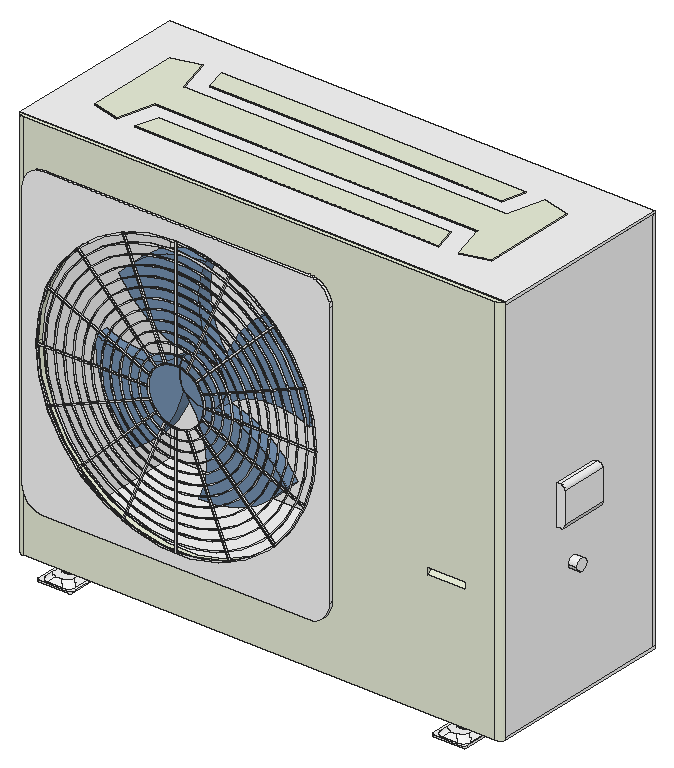
Revit family "Hydrablock C 12 14 16 T", category Attrezzatura meccanica, Revit 2022
Family settings
  Quota connettore circolare = Usa diametro
  Tipo di parte = Normale
  Numero OmniClass = 23.75.00.00
  Titolo OmniClass = Climate Control (HVAC)
  Basato su piano di lavoro = No
  Sempre verticale = Sì
  Taglio con vuoti quando caricato = No
  Mantieni orientamento annotazione = No
  Condiviso = No
  Punto di calcolo locali = No
Parameters (values of type "Hydrablock C 16 T")
  clearance access right = 500.000 mm
  clearance access left = 500.000 mm
  clearance access front = 1500.000 mm
  clearance access behind = 300.000 mm
  clearance [instance] = no
  Width = 1040.000 mm
  Water piping connections = 31.750 mm
  URL = "https://mbt.midea.com"
  Series = "M thermal Power\r\nM thermal Power\r\nM thermal Power"
  Prospetto di default = 0.000 mm
  Power supply = "380-415V 3N~50Hz"
  Net Weight = 120.00 kg
  Modello = "MHC-V16WD2RN8-C"
  Minimum Circuit Amps = 11.5 A
  Min cable selection (power wiring) = "2.5 mm2"
  Produttore = "Midea"
  MOP (Maximum overcurrent protection) = 2.5 A
  Installation = "Outdoor installation"
  Height = 865.000 mm
  Heating capacity (EWT 40⁰C, LWT 45⁰C) = 16.20 kW
  Heating capacity (EWT 30⁰C, LWT 35⁰C) = 16.00 kW
  Heating Power Input (EWT 40⁰C, LWT 45⁰C) = 4.70 kW
  Heating Power Input (EWT 30⁰C, LWT 35⁰C) = 3.56 kW
  Gas = "R32"
  Descrizione = "Heat pump"
  Depth = 410.000 mm
  Cooling capacity (EWT 23⁰C, LWT 18⁰C) = 15.40 kW
  Cooling capacity (EWT 12⁰C, LWT 7⁰C) = 14.00 kW
  Cooling Power Input(EWT 12⁰C, LWT 7⁰C) = 4.83 kW
  Cooling Power Input (EWT 23⁰C, LWT 18⁰C) = 3.67 kW
  Condensation = "air"
  Compressor = "1"
  Casing color = "SB2403"
  Air Flow = 5200.00 m³/h
Types (4, lengths in mm): name | Modello | Minimum Circuit Amps | Heating capacity (EWT 40⁰C, LWT 45⁰C) | Heating capacity (EWT 30⁰C, LWT 35⁰C) | Heating Power Input (EWT 40⁰C, LWT 45⁰C) | Heating Power Input (EWT 30⁰C, LWT 35⁰C) | Cooling capacity (EWT 23⁰C, LWT 18⁰C) | Cooling capacity (EWT 12⁰C, LWT 7⁰C) | Cooling Power Input(EWT 12⁰C, LWT 7⁰C) | Cooling Power Input (EWT 23⁰C, LWT 18⁰C)
  (no name) | "MHC-V16WD2RN8-C" | 11.5 A | 16.20 kW | 16.00 kW | 4.70 kW | 3.56 kW | 15.40 kW | 14.00 kW | 4.83 kW | 3.67 kW
  Hydrablock C 12 T | "MHC-V12WD2RN8-C" | 9.5 A | 12.50 kW | 12.20 kW | 3.38 kW | 2.49 kW | 12.20 kW | 11.60 kW | 3.74 kW | 2.65 kW
  Hydrablock C 14 T | "MHC-V14WD2RN8-C" | 10.5 A | 14.50 kW | 14.10 kW | 4.09 kW | 3.00 kW | 13.90 kW | 13.40 kW | 4.57 kW | 3.16 kW
  Hydrablock C 16 T | "MHC-V16WD2RN8-C" | 11.5 A | 16.20 kW | 16.00 kW | 4.70 kW | 3.56 kW | 15.40 kW | 14.00 kW | 4.83 kW | 3.67 kW
Reference planes
  plane 1 "Center (Front/Back)": y = 0
  plane 2: z = 0
  plane 3 "Center (Left/Right)": x = 0
  plane 4: y = 214.5
  plane 5: y = -195.5
  plane 6: x = -520
  plane 7: x = 520
  plane 8: z = 865
  plane 9: z = 289.5
  plane 10: z = 408
Forms (mm)
  Extrusion 1, solid, material "Galvanized Steel", detail levels medium+fine
    sketch origin (-463, -26, 789) x (1, 0, 0) y (0, 1, 0)
      loop
        arc (-56.784, -159.5) -> (-50.511, -166.783) -> (-41.292, -169.5) r 17
        line (-41.292, -169.5) -> (967.292, -169.5)
        arc (967.292, -169.5) -> (976.511, -166.783) -> (982.784, -159.5) r 17
        line (982.784, -159.5) -> (-56.784, -159.5)
    from -765 to 76
  Extrusion 2, void
    sketch origin (-50, 0, 40) x (1, 0, 0) y (0, 0, 1)
      loop
        circle (-122.999, 406.499) r 300
    from 185.5 to 195.5
  Extrusion 3, solid, material "Galvanized Steel", detail levels fine
    sketch origin (0, 0, 0) x (1, 0, 0) y (0, 1, 0)
      loop
        line (-436.632, 111.286) -> (-436.632, -88.714) -> (-378.677, -104.243) -> (-357.971, -26.969) -> (-23.528, -26.969) -> (334.444, -26.969) -> (355.149, -104.243) -> (413.105, -88.714) -> (413.105, 111.286) -> (355.149, 126.816) -> (334.444, 49.542) -> (-23.528, 49.542) -> (-357.971, 49.542) -> (-378.677, 126.816) -> (-436.632, 111.286)
      loop
        line (-337.266, 126.816) -> (-324.511, 79.213) -> (-23.528, 79.213) -> (300.983, 79.213) -> (313.738, 126.816) -> (-23.528, 126.816) -> (-337.266, 126.816)
      loop
        line (-337.266, -106.816) -> (-23.528, -106.816) -> (313.738, -106.816) -> (300.983, -59.213) -> (-23.528, -59.213) -> (-324.511, -59.213) -> (-337.266, -106.816)
    from 865 to 867
  Extrusion 4, solid, material "HXL White", detail levels fine
    sketch origin (120, 0, 92.706) x (1, 0, 0) y (0, 0, 1)
      loop
        line (400, 367.163) -> (400, 282.163) -> (410, 282.163)
        arc (410, 282.163) -> (417.071, 285.092) -> (420, 292.163) r 10
        line (420, 292.163) -> (420, 357.163)
        arc (420, 357.163) -> (417.071, 364.234) -> (410, 367.163) r 10
        line (410, 367.163) -> (400, 367.163)
    from -49.542 to 50
  Extrusion 5, void
    sketch origin (0, 0, 0) x (0, 1, 0) y (0, 0, 1)
      loop
        line (-214.5, 305.5) -> (-214.5, 270.5) -> (-179.5, 305.5) -> (-214.5, 305.5)
    from 361 to 443.051
  Extrusion 6, solid, material "HXL White", detail levels fine
    sketch origin (0, 0, -105) x (1, 0, 0) y (0, 0, 1)
      loop
        circle (184.136, 289.5) r 12.5
    from -241.5 to -192.422
  Extrusion 7, solid, material "HXL White", detail levels fine
    sketch origin (500, 500, 0) x (0, -1, 0) y (0, 0, -1)
      loop
        circle (505.866, -289.5) r 12.5
    from 20 to 40
  Extrusion 8, solid, material "HXL White", detail levels fine
    sketch origin (85, 0, -105) x (1, 0, 0) y (0, 0, 1)
      loop
        circle (184.136, 289.5) r 12.5
    from -241.5 to -192.422
  Extrusion 9, solid, material "HXL White", detail levels fine
    sketch origin (399.723, -195.5, 789) x (-1, 0, 0) y (0, 0, -1)
      loop
        arc (856.972, 10.248) -> (890.03, 23.942) -> (903.723, 57) r 46.752
        line (903.723, 57) -> (903.723, 623.497)
        arc (903.723, 623.497) -> (890.03, 656.555) -> (856.972, 670.248) r 46.752
        line (856.972, 670.248) -> (290.475, 670.248)
        arc (290.475, 670.248) -> (257.417, 656.555) -> (243.723, 623.497) r 46.752
        line (243.723, 623.497) -> (243.723, 57)
        arc (243.723, 57) -> (257.417, 23.942) -> (290.475, 10.248) r 46.752
        line (290.475, 10.248) -> (856.972, 10.248)
    from 0 to 5
  Extrusion 10, void
    sketch origin (399.723, -200.5, 789) x (1, 0, 0) y (0, 0, -1)
      loop
        arc (-272.722, 342.5) -> (-572.722, 642.5) -> (-872.722, 342.501) r 300
        arc (-872.722, 342.501) -> (-572.723, 42.501) -> (-272.722, 342.5) r 300
    from 0 to 5
Cuts and joins
  Extrusion 2, Extrusion 5, Extrusion 10 cuts Extrusion 1
  Extrusion 10 cuts Extrusion 9
Lines and regions (mm)
  model lines
    curve 1: line (-520, 214.5, 865) -> (-520, -185.5, 865)
    curve 2: line (520, 214.5, 865) -> (-520, 214.5, 865)
    curve 3: line (520, -185.5, 865) -> (520, 214.5, 865)
    curve 4: line (-520, -185.5, 865) -> (520, -185.5, 865)
    curve 5: line (-520, 214.5, 24) -> (-520, -185.5, 24)
    curve 6: line (520, 214.5, 24) -> (-520, 214.5, 24)
    curve 7: line (520, -185.5, 24) -> (520, 214.5, 24)
    curve 8: line (-520, -185.5, 24) -> (520, -185.5, 24)
    curve 9: line (504, -185.5, 712) -> (504, -185.5, 24)
    curve 10: line (-504, -185.5, 24) -> (-504, -185.5, 712)
    curve 11: line (520, 214.5, 865) -> (520, 214.5, 24)
    curve 12: line (-520, 214.5, 24) -> (-520, 214.5, 865)
Dimensions and locks
  aligned and locked: level to plane 2
Nested families
  nested 1: "pingban-HXL" at (-520, 214.5, 29), type "pingban-HXL", detail levels medium+fine
    with Width 1040.000 mm, Height 831.000 mm, Depth 5.000 mm
  nested 2: "pingban-HXL" at (-520, -185.5, 29) x (0, 1, 0) z (0, 0, 1), type "pingban-HXL", detail levels medium+fine
    with Width 395.000 mm, Height 831.000 mm, Depth 5.000 mm
  nested 3: "pingban-HXL" at (520, 209.5, 29) x (0, -1, 0) z (0, 0, 1), type "pingban-HXL", detail levels medium+fine
    with Width 395.000 mm, Height 831.000 mm, Depth 5.000 mm
  nested 4: "xiaodijia2" at (423, 10, 0), type "xiaodijia2", detail levels medium+fine
  nested 5: "pingban-HXL" at (-520, 214.5, 24), type "pingban-HXL", detail levels medium+fine
    with Width 1040.000 mm, Height 5.000 mm, Depth 400.000 mm
  nested 6: "pingban-HXL" at (-520, 214.5, 860), type "pingban-HXL", detail levels medium+fine
    with Width 1040.000 mm, Height 5.000 mm, Depth 400.000 mm
  nested 7: "service space" at (-520, 214.5, 0), visible <- "clearance", Height <- "Height", type "Midea Service  Space"
    with Width 1040.000 mm, Height 865.000 mm, Depth 300.000 mm
  nested 8: "service space" at (-520, -1695.5, 0), visible <- "clearance", Height <- "Height", type "Midea Service  Space"
    with Width 1040.000 mm, Height 865.000 mm, Depth 1500.000 mm
  nested 9: "fengkou300+" at (-172.999, -202.5, 446.5) x (1, 0, 0) z (0, 1, 0), type "fengkou300+", detail levels medium+fine
  nested 10: "fengshan230" at (-172.999, -130, 446.5) x (-1, 0, 0) z (0, 1, 0), type "fengshan230", detail levels fine
  nested 11: "xiaodijia2" at (-423, 10, 0) x (-1, 0, 0) z (0, 0, 1), type "xiaodijia2", detail levels medium+fine
  nested 12: "service space" at (-1020, -195.5, 0), visible <- "clearance", Height <- "Height", type "Midea Service  Space"
    with Width 500.000 mm, Height 865.000 mm, Depth 410.000 mm
  nested 13: "service space" at (520, -195.5, 0), visible <- "clearance", Height <- "Height", type "Midea Service  Space"
    with Width 500.000 mm, Height 865.000 mm, Depth 410.000 mm
Connectors
  electrical at (540, -0.229, 417.369)
    settings: on Extrusion 4, index 1, voltage 220 V, apparent load 0 VA, apparent load phase1 0 VA, apparent load phase2 0 VA, apparent load phase3 0 VA, power factor 1, load classification "HVAC", number of poles 1, system type 30, power factor state 1, is connector primary yes, connector utility no, sub classification motor no, connector description ""
  piping at (184.136, 241.5, 184.5), diameter 25.4
    settings: on Extrusion 6, index 3, connector inside diameter 1", connector length 0.000 mm, flow factor 0, pipe flow 0 GPM, pressure drop 0.00 psi, fitting loss kfactor 0, connector angle 0.00°, fixture units 0, engagement length 0.000 mm, angle of deflection 0.00°, flow configuration 0, flow direction 0, fitting loss method 0, system type 7, joint type 0, gender type 0, connector reference index -1, connector utility 0, adjustable connector no, is connector primary yes, connector description "Water piping connections"
  piping at (269.136, 241.5, 184.5), diameter 25.4
    settings: on Extrusion 8, index 4, connector inside diameter 1", connector length 0.000 mm, flow factor 0, pipe flow 0 GPM, pressure drop 0.00 psi, fitting loss kfactor 0, connector angle 0.00°, fixture units 0, engagement length 0.000 mm, angle of deflection 0.00°, flow configuration 0, flow direction 0, fitting loss method 0, system type 7, joint type 0, gender type 0, connector reference index -1, connector utility 0, adjustable connector no, is connector primary no, connector description "Water piping connections"
Definition of nested family "pingban-HXL"
  Parameters
    Width [instance] = 65.000 mm
    Series = ""
    Default Elevation = 0.000 mm
    Machine material = none
    Installation = ""
    Height [instance] = 100.000 mm
    Gas = ""
    Depth [instance] = 5.000 mm
    Condensation = ""
  Reference planes
    plane 1 "Center (Front/Back)": y = 0
    plane 2: z = 0
    plane 3 "Center (Left/Right)": x = 0
    plane 4: z = 160
    plane 5: x = 65
  Forms (mm)
    Extrusion 1, solid, material <- "Machine material"
      sketch origin (0, 0, 0) x (1, 0, 0) y (0, 0, 1)
        loop
          line (0, 100) -> (0, 0) -> (65, 0) -> (65, 100) -> (0, 100)
      from 0 to 5
  Dimensions and locks
    "Width": Extrusion 1 to plane 3 "Center (Left/Right)"
    "Height": Extrusion 1 to level
    "Depth": Extrusion 1 to plane 1 "Center (Front/Back)"
    aligned and locked: level to plane 2
  Automatic sketch dimensions
    Extrusion 1 sketch curve to plane 3 "Center (Left/Right)" = 0.000 mm
    Extrusion 1 sketch curve to level = 0.000 mm
    Extrusion 1 sketch curve to plane 5 = 0.000 mm
    Extrusion 1 sketch curve to plane 4 = 60.000 mm
Definition of nested family "xiaodijia2"
  Parameters
    Default Elevation = 0.000 mm
  Reference planes
    plane 1 "Center (Front/Back)": y = 0
    plane 2: z = 0
    plane 3 "Center (Left/Right)": x = 0
    plane 4: y = 227
    plane 5: x = -36.5
    plane 6: x = 36.5
    plane 7: z = 12
    plane 8: z = 3
    plane 9: z = 24
    plane 10: y = -20
    plane 11: y = 20
    plane 12: x = 21.5
    plane 13: x = -21.5
    plane 14: y = 190
    plane 15: y = -190
    plane 16: x = -6
    plane 17: x = 6
    plane 18: y = -186
    plane 19: y = -194
  Forms (mm)
    Blend 1, solid
      base sketch origin (0, 0, 0) x (1, 0, 0) y (0, 1, 0)
        loop
          line (6.5, 212) -> (-6.5, 212)
          arc (-6.5, 212) -> (-17.107, 207.607) -> (-21.5, 197) r 15
          line (-21.5, 197) -> (-21.5, -197)
          arc (-21.5, -197) -> (-17.107, -207.607) -> (-6.5, -212) r 15
          line (-6.5, -212) -> (6.5, -212)
          arc (6.5, -212) -> (17.107, -207.607) -> (21.5, -197) r 15
          line (21.5, -197) -> (21.5, 197)
          arc (21.5, 197) -> (17.107, 207.607) -> (6.5, 212) r 15
      top sketch origin (0, 0, 0) x (1, 0, 0) y (0, 1, 0)
        loop
          line (26.5, 222) -> (-26.5, 222)
          arc (-26.5, 222) -> (-30.036, 220.536) -> (-31.5, 217) r 5
          line (-31.5, 217) -> (-31.5, -207)
          arc (-31.5, -207) -> (-27.107, -217.607) -> (-16.5, -222) r 15
          line (-16.5, -222) -> (16.5, -222)
          arc (16.5, -222) -> (27.107, -217.607) -> (31.5, -207) r 15
          line (31.5, -207) -> (31.5, 217)
          arc (31.5, 217) -> (30.036, 220.536) -> (26.5, 222) r 5
      from 12 to 3
    Blend 2, void
      base sketch origin (0, 0, 0) x (1, 0, 0) y (0, 1, 0)
        loop
          line (6.5, 202) -> (-6.5, 202)
          arc (-6.5, 202) -> (-10.036, 200.536) -> (-11.5, 197) r 5
          line (-11.5, 197) -> (-11.5, -197)
          arc (-11.5, -197) -> (-10.036, -200.536) -> (-6.5, -202) r 5
          line (-6.5, -202) -> (6.5, -202)
          arc (6.5, -202) -> (10.036, -200.536) -> (11.5, -197) r 5
          line (11.5, -197) -> (11.5, 197)
          arc (11.5, 197) -> (10.036, 200.536) -> (6.5, 202) r 5
      top sketch origin (0, 0, 0) x (1, 0, 0) y (0, 1, 0)
        loop
          line (31.5, -207) -> (31.5, 217)
          arc (31.5, 217) -> (30.036, 220.536) -> (26.5, 222) r 5
          line (26.5, 222) -> (-26.5, 222)
          arc (-26.5, 222) -> (-30.036, 220.536) -> (-31.5, 217) r 5
          line (-31.5, 217) -> (-31.5, -207)
          arc (-31.5, -207) -> (-27.107, -217.607) -> (-16.5, -222) r 15
          line (-16.5, -222) -> (16.5, -222)
          arc (16.5, -222) -> (27.107, -217.607) -> (31.5, -207) r 15
      from 8.355 to 3
    Extrusion 3, solid
      sketch origin (0, 0, 0) x (1, 0, 0) y (0, 1, 0)
        loop
          arc (-31.5, 227) -> (-35.036, 225.536) -> (-36.5, 222) r 5
          line (-36.5, 222) -> (-36.5, -222)
          arc (-36.5, -222) -> (-35.036, -225.536) -> (-31.5, -227) r 5
          line (-31.5, -227) -> (31.5, -227)
          arc (31.5, -227) -> (35.036, -225.536) -> (36.5, -222) r 5
          line (36.5, -222) -> (36.5, 222)
          arc (36.5, 222) -> (35.036, 225.536) -> (31.5, 227) r 5
          line (31.5, 227) -> (-31.5, 227)
        loop
          arc (-26.5, 222) -> (-30.036, 220.536) -> (-31.5, 217) r 5
          line (-31.5, 217) -> (-31.5, -207)
          arc (-31.5, -207) -> (-27.107, -217.607) -> (-16.5, -222) r 15
          line (-16.5, -222) -> (16.5, -222)
          arc (16.5, -222) -> (27.107, -217.607) -> (31.5, -207) r 15
          line (31.5, -207) -> (31.5, 217)
          arc (31.5, 217) -> (30.036, 220.536) -> (26.5, 222) r 5
          line (26.5, 222) -> (-26.5, 222)
      from 0 to 3
    Extrusion 4, solid
      sketch origin (0, 0, 0) x (0, 1, 0) y (0, 0, 1)
        loop
          arc (-19.275, 24) -> (-19.902, 23.667) -> (-20.264, 23.056) r 1.312
          line (-20.264, 23.056) -> (-22.833, 13.434)
          arc (-22.833, 13.434) -> (-23.437, 12.605) -> (-24.266, 12) r 3.318
          line (-24.266, 12) -> (24.266, 12)
          arc (24.266, 12) -> (23.437, 12.605) -> (22.833, 13.434) r 3.318
          line (22.833, 13.434) -> (20.264, 23.056)
          arc (20.264, 23.056) -> (19.902, 23.667) -> (19.275, 24) r 1.312
          line (19.275, 24) -> (-19.275, 24)
      from -21.5 to 21.5
    Extrusion 5, solid
      sketch origin (0, 150, 0) x (0, 1, 0) y (0, 0, 1)
        loop
          arc (-19.275, 24) -> (-19.902, 23.667) -> (-20.264, 23.056) r 1.312
          line (-20.264, 23.056) -> (-22.833, 13.434)
          arc (-22.833, 13.434) -> (-23.437, 12.605) -> (-24.266, 12) r 3.318
          line (-24.266, 12) -> (24.266, 12)
          arc (24.266, 12) -> (23.437, 12.605) -> (22.833, 13.434) r 3.318
          line (22.833, 13.434) -> (20.264, 23.056)
          arc (20.264, 23.056) -> (19.902, 23.667) -> (19.275, 24) r 1.312
          line (19.275, 24) -> (-19.275, 24)
      from -21.5 to 21.5
    Extrusion 6, solid
      sketch origin (0, -150, 0) x (0, 1, 0) y (0, 0, 1)
        loop
          arc (-19.275, 24) -> (-19.902, 23.667) -> (-20.264, 23.056) r 1.312
          line (-20.264, 23.056) -> (-22.833, 13.434)
          arc (-22.833, 13.434) -> (-23.437, 12.605) -> (-24.266, 12) r 3.318
          line (-24.266, 12) -> (24.266, 12)
          arc (24.266, 12) -> (23.437, 12.605) -> (22.833, 13.434) r 3.318
          line (22.833, 13.434) -> (20.264, 23.056)
          arc (20.264, 23.056) -> (19.902, 23.667) -> (19.275, 24) r 1.312
          line (19.275, 24) -> (-19.275, 24)
      from -21.5 to 21.5
    Extrusion 7, void
      sketch origin (0, 0, 0) x (1, 0, 0) y (0, 1, 0)
        loop
          arc (-6, -186) -> (-10, -190) -> (-6, -194) r 4
          line (-6, -194) -> (6, -194)
          arc (6, -194) -> (10, -190) -> (6, -186) r 4
          line (6, -186) -> (-6, -186)
        loop
          line (-6, 186) -> (6, 186)
          arc (6, 186) -> (10, 190) -> (6, 194) r 4
          line (6, 194) -> (-6, 194)
          arc (-6, 194) -> (-10, 190) -> (-6, 186) r 4
      from 0 to 20
  Cuts and joins
    Blend 2, Extrusion 7 cuts Blend 1
  Dimensions and locks
    aligned and locked: level to plane 2
Definition of nested family "service space"
  Parameters
    Width [instance] = 500.000 mm
    Default Elevation = 0.000 mm
    Height [instance] = 500.000 mm
    Depth [instance] = 500.000 mm
  Reference planes
    plane 1 "Center (Front/Back)": y = 0
    plane 2: z = 0
    plane 3 "Center (Left/Right)": x = 0
    plane 4: z = 500
    plane 5: y = 500
    plane 6: x = 500
  Forms (mm)
    Extrusion 1, solid
      sketch origin (0, 0, 0) x (1, 0, 0) y (0, 1, 0)
        loop
          line (0, 500) -> (0, 0) -> (500, 0) -> (500, 500) -> (0, 500)
      from 0 to 500
  Dimensions and locks
    "Width": plane 3 "Center (Left/Right)" to plane 6
    "Depth": plane 5 to plane 1 "Center (Front/Back)"
    "Height": level to plane 4
    aligned and locked: level to plane 2
    aligned and locked: plane 5 to Extrusion 1
    aligned and locked: Extrusion 1 to plane 6
    aligned and locked: Extrusion 1 to plane 3 "Center (Left/Right)"
    aligned and locked: plane 1 "Center (Front/Back)" to Extrusion 1
    aligned and locked: Extrusion 1 to plane 4
  Automatic sketch dimensions
    Extrusion 1 sketch curve to plane 3 "Center (Left/Right)" = 0.000 mm
    plane 1 "Center (Front/Back)" to Extrusion 1 sketch curve = 0.000 mm
    Extrusion 1 sketch curve to plane 6 = 0.000 mm
    Extrusion 1 sketch curve to plane 5 = 0.000 mm
Definition of nested family "fengkou300+"
  Parameters
    Series = ""
    Default Elevation = 0.000 mm
    Machine material = none
    Installation = ""
    Gas = ""
    Condensation = ""
  Reference planes
    plane 1 "Center (Front/Back)": y = 0
    plane 2: z = 0
    plane 3 "Center (Left/Right)": x = 0
  Forms (mm)
    Extrusion 1, solid, material <- "Machine material"
      sketch origin (0, 0, 0) x (1, 0, 0) y (0, 1, 0)
        loop
          circle (0, 0) r 60
        loop
          circle (0, 0) r 61
        loop
          circle (0, 0) r 80
        loop
          circle (0, 0) r 81
        loop
          circle (0, 0) r 100
        loop
          circle (0, 0) r 101
        loop
          circle (0, 0) r 120
        loop
          circle (0, 0) r 121
        loop
          circle (0, 0) r 140
        loop
          circle (0, 0) r 141
        loop
          circle (0, 0) r 160
        loop
          circle (0, 0) r 161
        loop
          circle (0, 0) r 180
        loop
          circle (0, 0) r 181
        loop
          circle (0, 0) r 200
        loop
          circle (0, 0) r 201
        loop
          circle (0, 0) r 220
        loop
          circle (0, 0) r 221
        loop
          circle (0, 0) r 240
        loop
          circle (0, 0) r 241
        loop
          circle (0, 0) r 260
        loop
          circle (0, 0) r 261
        loop
          circle (0, 0) r 300
        loop
          circle (0, 0) r 298
        loop
          circle (0, 0) r 280
        loop
          circle (0, 0) r 282
      from 0 to 2
    Extrusion 2, solid, material <- "Machine material"
      sketch origin (0, 0, 0) x (1, 0, 0) y (0, 1, 0)
        loop
          line (112.868, 276.414) -> (21.566, 55.993) -> (24.338, 54.845) -> (115.639, 275.266) -> (112.868, 276.414)
        loop
          line (-115.892, -275.873) -> (-113.121, -277.021) -> (-21.566, -55.988) -> (-24.338, -54.84) -> (-115.892, -275.873)
        loop
          line (276.767, -113.015) -> (55.991, -21.567) -> (54.843, -24.338) -> (275.619, -115.787) -> (276.767, -113.015)
        loop
          line (-275.322, 115.668) -> (-276.47, 112.896) -> (-55.987, 21.569) -> (-54.839, 24.341) -> (-275.322, 115.668)
        loop
          line (274.833, 115.468) -> (54.841, 24.344) -> (55.989, 21.572) -> (275.981, 112.696) -> (274.833, 115.468)
        loop
          line (-276.35, -112.845) -> (-275.202, -115.616) -> (-54.841, -24.339) -> (-55.989, -21.568) -> (-276.35, -112.845)
        loop
          line (115.817, -275.686) -> (24.34, -54.841) -> (21.569, -55.989) -> (113.046, -276.834) -> (115.817, -275.686)
        loop
          line (-112.949, 276.604) -> (-115.72, 275.456) -> (-24.339, 54.842) -> (-21.567, 55.99) -> (-112.949, 276.604)
        loop
          line (210.396, 212.522) -> (41.351, 43.478) -> (43.472, 41.356) -> (212.517, 210.401) -> (210.396, 212.522)
        loop
          line (-212.076, -209.955) -> (-209.954, -212.076) -> (-41.351, -43.473) -> (-43.472, -41.352) -> (-212.076, -209.955)
        loop
          line (212.134, -210.01) -> (43.475, -41.352) -> (41.354, -43.473) -> (210.012, -212.132) -> (212.134, -210.01)
        loop
          line (-209.969, 212.093) -> (-212.09, 209.971) -> (-43.472, 41.353) -> (-41.351, 43.474) -> (-209.969, 212.093)
        loop
          line (298.287, 1.504) -> (59.981, 1.504) -> (59.981, -1.496) -> (298.287, -1.496) -> (298.287, 1.504)
        loop
          line (-298.652, 1.5) -> (-298.652, -1.5) -> (-59.981, -1.5) -> (-59.981, 1.5) -> (-298.652, 1.5)
        loop
          line (1.5, -298.432) -> (1.5, -59.981) -> (-1.5, -59.981) -> (-1.5, -298.432) -> (1.5, -298.432)
        loop
          line (1.5, 298.807) -> (-1.5, 298.807) -> (-1.5, 59.981) -> (1.5, 59.981) -> (1.5, 298.807)
      from 0 to 2
  Dimensions and locks
    aligned and locked: level to plane 2
Definition of nested family "fengshan230"
  Parameters
    Default Elevation = 0.000 mm
  Reference planes
    plane 1 "Center (Front/Back)": y = 0
    plane 2: z = 0
    plane 3 "Center (Left/Right)": x = 0
  Forms (mm)
    Extrusion 1, solid
      sketch origin (0, 0, 0) x (1, 0, 0) y (0, 1, 0)
        loop
          circle (0, 0) r 50
      from 0 to 30
    Extrusion 2, solid
      sketch origin (-20, 0, 0) x (0, -1, 0) y (1, 0, 0)
        loop
          arc (32.105, 288.084) -> (-94.042, 273.093) -> (-199.371, 202.075) r 270
          arc (-199.371, 202.075) -> (-134.798, 110.882) -> (-35, 60.622) r 231.205
          arc (-35, 60.622) -> (0, 70) -> (35, 60.622) r 70
          arc (35, 60.622) -> (-8.793, 173.814) -> (32.105, 288.084) r 173.918
      from 0 to 30
    Extrusion 3, solid
      sketch origin (20, 0, 0) x (0, 1, 0) y (-1, 0, 0)
        loop
          arc (32.105, 288.084) -> (-94.042, 273.093) -> (-199.371, 202.075) r 270
          arc (-199.371, 202.075) -> (-134.798, 110.882) -> (-35, 60.622) r 231.205
          arc (-35, 60.622) -> (0, 70) -> (35, 60.622) r 70
          arc (35, 60.622) -> (-8.793, 173.814) -> (32.105, 288.084) r 173.918
      from 0 to 30
    Extrusion 4, solid
      sketch origin (0, 0, 0) x (1, 0, 0) y (0, 1, 0)
        loop
          arc (32.105, 268.084) -> (-94.042, 253.093) -> (-199.371, 182.075) r 270
          arc (-199.371, 182.075) -> (-134.798, 90.882) -> (-35, 40.622) r 231.205
          arc (-35, 40.622) -> (0, 50) -> (35, 40.622) r 70
          arc (35, 40.622) -> (-8.793, 153.814) -> (32.105, 268.084) r 173.918
        loop
          arc (199.371, -182.075) -> (134.798, -90.882) -> (35, -40.622) r 231.205
          arc (35, -40.622) -> (0, -50) -> (-35, -40.622) r 70
          arc (-35, -40.622) -> (8.793, -153.814) -> (-32.105, -268.084) r 173.918
          arc (-32.105, -268.084) -> (94.042, -253.093) -> (199.371, -182.075) r 270
      from 0 to 30
    Extrusion 5, void
      sketch origin (0, 0, 0) x (1, 0, 0) y (0, 1, 0)
        loop
          circle (0, 0) r 230
        loop
          circle (0, 0) r 360
      from 0 to 250
  Cuts and joins
    Extrusion 5 cuts Extrusion 2
    Extrusion 5 cuts Extrusion 3
    Extrusion 5 cuts Extrusion 4
  Dimensions and locks
    aligned and locked: level to plane 2
